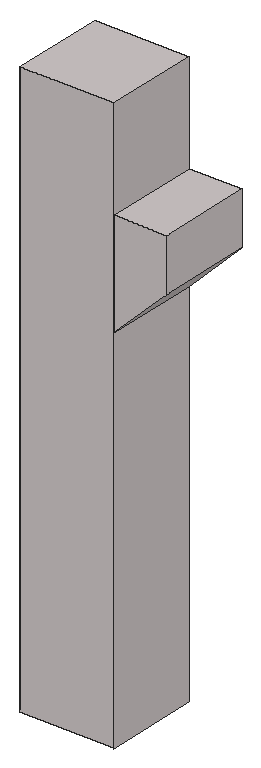
Revit family "034100 - Precast Structural Concrete - Column - Corbels", category Structural Columns, Revit 2019
Family settings
  Display in Hidden Views = Edges Hidden by Other Members
  Section Shape = Not Defined
  Material for Model Behavior = Precast Concrete
  Always export as geometry = No
  Beam cutback in plan = From bounding box
  Cut with Voids When Loaded = No
  Symbolic Representation = From Family
  Shared = No
  Show family pre-cut in plan views = Yes
Parameters (values of type "16"x16"")
  TransChamfer = if(Chaflán = 0' 0", 0' 0.07874", Chaflán)  # 0' - 0.07874"
  OD_Attribution = "xcengineering.xyz, diocingenieria.com, openingdesign.com"
  Grosor de tirante [instance] = 30
  Grosor de tirante W [instance] = (Grosor de tirante) * 9.80 kN / 1000  # 0.294 kN
  Structural Material [instance] = PRECAST INVERTED TEE
  Grosor de armadura sencilla [instance] = 50
  Corbel - Right [instance] = yes
  Corbel - Front [instance] = no
  Corbel - Back [instance] = no
  Armadura sencilla W [instance] = (Grosor de armadura sencilla * 9.80 kN) / 1000  # 0.49 kN
  Grosor de rejillas de armadura [instance] = 100
  Rejillas de armadura W [instance] = (Grosor de rejillas de armadura * 9.80 kN) / 1000  # 0.98 kN
  b = 1' - 4"
  Chaflán = 0' - 0"
  Altura Apoyo R [instance] = 1' - 0"
  Altura Apoyo L [instance] = 1' - 0"
  Altura Apoyo [instance] = 1' - 5"
Reference planes (in)
  plane 1 "Centro (Frontal/Posterior)": y = 0.98425
  plane 2: z = 0
  plane 3 "Centro (Izquierda/Derecha)": x = -0.98425
  plane 4: x = -8.98425
  plane 5: y = -7.01575
  plane 6: x = 7.01575
  plane 7: y = 8.98425
  plane 8: y = -7.01575
  plane 9: x = 6.93701
  plane 10: x = -8.90551
  plane 11: y = 8.98425
  plane 12: z = 81.4252
  plane 13: z = 72.4252
  plane 14: z = 63.4252
  plane 15: x = 16.01575
  plane 16: z = 86.4252
  plane 17: z = 77.4252
  plane 18: z = 68.4252
  plane 19: y = 17.98425
  plane 20: z = 86.4252
  plane 21: z = 77.4252
  plane 22: z = 68.4252
  plane 23: y = -16.01575
Forms (in)
  Extrusion 1, solid, material "PRECAST INVERTED TEE" <- "Structural Material"
    sketch origin (0, 0, 0) x (1, 0, 0) y (0, 1, 0)
      loop
        line (-8.90551, 8.98425) -> (-8.98425, 8.98425) -> (-8.98425, -7.01575) -> (-8.90551, -7.01575) -> (6.93701, -7.01575) -> (7.01575, -7.01575) -> (7.01575, 8.98425) -> (6.93701, 8.98425) -> (-8.90551, 8.98425)
    from 0 to 98.4252
  Extrusion 2, solid, material "PRECAST INVERTED TEE" <- "Structural Material", visible <- "Corbel - Right"
    sketch origin (0, 0.98425, 0) x (1, 0, 0) y (0, 0, 1)
      loop
        line (7.01575, 81.4252) -> (7.01575, 63.4252) -> (16.01575, 72.4252) -> (16.01575, 81.4252) -> (7.01575, 81.4252)
    from -8 to 8
  Extrusion 3, solid, material "PRECAST INVERTED TEE" <- "Structural Material", visible <- "Corbel - Back"
    sketch origin (7.01575, -7.01575, 98.4252) x (0, 0, -1) y (0, 1, 0)
      loop
        line (12, 16) -> (30, 16) -> (21, 25) -> (12, 25) -> (12, 16)
    from -16 to 0
  Extrusion 4, solid, material "PRECAST INVERTED TEE" <- "Structural Material", visible <- "Corbel - Front"
    sketch origin (7.01575, -7.01575, 98.4252) x (0, 0, -1) y (0, 1, 0)
      loop
        line (12, 0) -> (12, -9) -> (21, -9) -> (30, 0) -> (12, 0)
    from -16 to 0
Dimensions and locks (in)
  equal spacing: plane 4, plane 3 "Centro (Izquierda/Derecha)", plane 6
  equal spacing: plane 7, plane 1 "Centro (Frontal/Posterior)", plane 5
  "b": plane 4 to plane 6
  "b": plane 7 to plane 5
  "Chaflán": plane 7 to plane 11
  "Chaflán": plane 5 to plane 8
  "TransChamfer": plane 4 to plane 10
  "TransChamfer": plane 9 to plane 6
  "Altura Apoyo": level to plane 12
  locked: plane 12 to plane 13 at 9
  locked: plane 13 to plane 14 at 9
  locked: plane 15 to Extrusion 1 at 9
  "Altura Apoyo L": level to plane 16
  locked: plane 16 to plane 17 at 9
  locked: plane 17 to plane 18 at 9
  locked: plane 11 to plane 19 at 9
  "Altura Apoyo R": level to plane 20
  locked: plane 21 to plane 20 at 9
  locked: plane 22 to plane 21 at 9
  locked: plane 23 to plane 8 at 9
  aligned and locked: level to Extrusion 1
  aligned and locked: level to plane 2
  aligned and locked: Extrusion 1 to plane 2
  aligned and locked: Extrusion 1 sketch curve to plane 4
  aligned and locked: plane 6 to Extrusion 1 sketch curve
  aligned and locked: Extrusion 1 sketch curve to plane 5
  aligned and locked: Extrusion 1 sketch curve to plane 7
  aligned and locked: plane 10 to Extrusion 1 sketch curve  (x2)
  aligned and locked: plane 11 to Extrusion 1 sketch curve  (x2)
  aligned and locked: plane 9 to Extrusion 1 sketch curve  (x2)
  aligned and locked: plane 8 to Extrusion 1 sketch curve  (x2)
  aligned and locked: Extrusion 2 sketch curve to plane 12
  aligned and locked: Extrusion 2 sketch curve to plane 15
  aligned and locked: plane 14 to Extrusion 2 sketch curve
  aligned and locked: plane 15 to Extrusion 2 sketch curve
  aligned and locked: plane 13 to Extrusion 2 sketch curve
  aligned and locked: Extrusion 1 to Extrusion 2 sketch curve
  aligned and locked: Extrusion 1 to Extrusion 2  (x2)
  aligned and locked: Extrusion 3 sketch curve to plane 16
  aligned and locked: plane 11 to Extrusion 3 sketch curve
  aligned and locked: Extrusion 3 sketch curve to plane 19
  aligned and locked: plane 17 to Extrusion 3 sketch curve
  aligned and locked: plane 18 to Extrusion 3 sketch curve
  aligned and locked: Extrusion 4 sketch curve to plane 20
  aligned and locked: Extrusion 4 sketch curve to plane 8
  aligned and locked: Extrusion 4 sketch curve to plane 23
  aligned and locked: plane 21 to Extrusion 4 sketch curve
  aligned and locked: plane 22 to Extrusion 4 sketch curve
